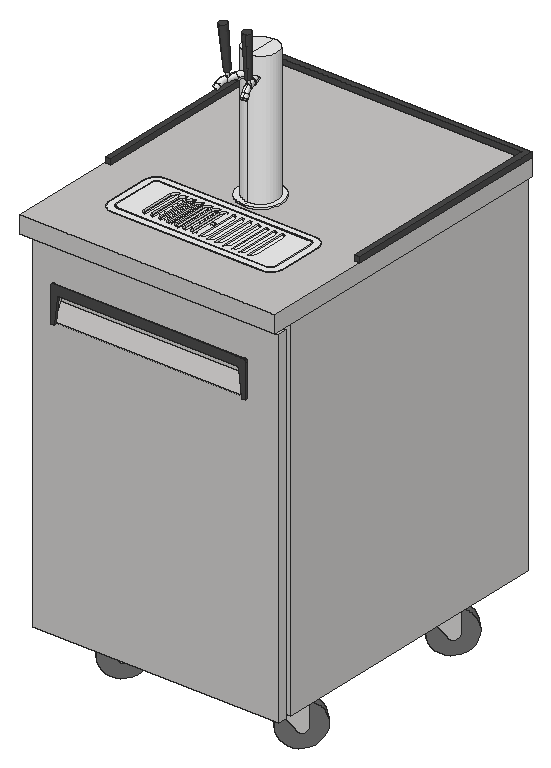
Revit family "QF_Turbo Air_TBD-1", category Specialty Equipment, Revit 2014 (continued)
Definition of nested family "QF_Turbo Air_UC-Solid Door"
  Forms (in)
    Extrusion 4, solid, material "QF_Plastic-Black-Matte"
      sketch origin (0, -1.4375, 0) x (1, 0, 0) y (0, 0, 1)
        loop
          line (3.87177, 25.9375) -> (3.87177, 29)
          arc (3.87177, 29) -> (3.79855, 29.17678) -> (3.62177, 29.25) r 0.25
          line (3.62177, 29.25) -> (-14.00323, 29.25)
          arc (-14.00323, 29.25) -> (-14.18, 29.17678) -> (-14.25323, 29) r 0.25
      from 0 to 0.125
  Lines and regions (in)
    symbolic lines, visible <- "Symbolic Lines"
      curve 1: line (-16.56573, -0.625, 0) -> (6.24677, -0.625, 0)
      curve 2: line (-16.56573, -1.4375, 0) -> (-16.56573, -0.625, 0)
      curve 3: line (6.24677, -1.4375, 0) -> (-16.56573, -1.4375, 0)
      curve 4: line (6.24677, -0.625, 0) -> (6.24677, -1.4375, 0)
      curve 5: line (-14.69073, 0, 0) -> (-14.69073, -0.625, 0)
      curve 6: line (4.37177, -0.625, 0) -> (4.37177, 0, 0)
      curve 7: line (4.37177, 0, 0) -> (-14.69073, 0, 0)
  Dimensions and locks (in)
    "Width": plane 4 "RIGHT" to plane 3 "LEFT"
    "Handle Distance": plane 5 "Handle Right" to plane 4 "RIGHT"
    locked: plane 6 to plane 5 "Handle Right" at 0.1875
    locked: plane 7 "Handle Left" to plane 8 at 0.1875
    locked: plane 7 "Handle Left" to plane 5 "Handle Right" at 18.125
    locked: plane 9 "Door Back" to plane 1 "BACK" at 0.625
    locked: plane 10 "FRONT" to plane 9 "Door Back" at 0.8125
    "Height": plane 11 "TOP" to plane 2
    locked: plane 11 "TOP" to plane 12 "Handle Top" at 3.0625
    locked: plane 12 "Handle Top" to plane 13 "Handle Bottom" at 3.375
    locked: plane 12 "Handle Top" to plane 14 at 0.1875
    locked: plane 15 to plane 13 "Handle Bottom" at 0.1875
    locked: Extrusion 1 sketch curve to plane 3 "LEFT" at 1.875
    locked: plane 11 "TOP" to Extrusion 1 sketch curve at 2.5625
    locked: Extrusion 1 sketch curve to plane 4 "RIGHT" at 1.875
    locked: Extrusion 1 sketch curve to level at 1.875
    locked: Extrusion 3 sketch curve to plane 9 "Door Back" at 0.0625
    locked: Extrusion 3 sketch curve to plane 15 at 1.38462
    locked: plane 12 "Handle Top" to Extrusion 4 sketch curve at 0.8125
    locked: Extrusion 4 sketch curve to plane 13 "Handle Bottom" at 2.3977  (x2)
    locked: Extrusion 4 sketch curve to plane 7 "Handle Left" at 0.6674
    locked: Extrusion 4 sketch curve to plane 7 "Handle Left" at 0.85352
    locked: plane 5 "Handle Right" to Extrusion 4 sketch curve at 0.6674
    locked: plane 5 "Handle Right" to Extrusion 4 sketch curve at 0.85352
    aligned and locked: level to plane 2
    aligned and locked: plane 9 "Door Back" to Extrusion 1
    aligned and locked: Extrusion 2 sketch curve to plane 11 "TOP"
    aligned and locked: plane 3 "LEFT" to Extrusion 2 sketch curve
    aligned and locked: level to Extrusion 2 sketch curve
    aligned and locked: Extrusion 2 sketch curve to plane 4 "RIGHT"
    aligned and locked: Extrusion 2 sketch curve to plane 14
    aligned and locked: plane 8 to Extrusion 2 sketch curve
    aligned and locked: plane 15 to Extrusion 2 sketch curve
    aligned and locked: Extrusion 2 sketch curve to plane 6
    aligned and locked: plane 10 "FRONT" to Extrusion 2
    aligned and locked: plane 15 to Extrusion 3 sketch curve
    aligned and locked: plane 9 "Door Back" to Extrusion 3 sketch curve
    aligned and locked: Extrusion 3 to plane 8
    aligned and locked: plane 6 to Extrusion 3
    aligned and locked: Extrusion 3 sketch curve to plane 14
    aligned and locked: Extrusion 4 sketch curve to plane 12 "Handle Top"
    aligned and locked: Extrusion 4 sketch curve to plane 7 "Handle Left"
    aligned and locked: Extrusion 4 sketch curve to plane 13 "Handle Bottom"
    aligned and locked: plane 13 "Handle Bottom" to Extrusion 4 sketch curve
    aligned and locked: Extrusion 4 sketch curve to plane 5 "Handle Right"
    aligned and locked: plane 9 "Door Back" to curve 1
    aligned and locked: plane 3 "LEFT" to curve 2
    aligned and locked: curve 3 to plane 10 "FRONT"
    aligned and locked: curve 4 to plane 4 "RIGHT"
    aligned and locked: curve 5 to Extrusion 1
    aligned and locked: curve 6 to Extrusion 1
    aligned and locked: curve 7 to Extrusion 1
  Automatic sketch dimensions
    Extrusion 3 sketch curve to plane 10 "FRONT" = 0' - 0"
    plane 7 "Handle Left" to Extrusion 4 sketch curve = 0' - 0 1/16"
    plane 8 to Extrusion 4 sketch curve = 0' - 0 1/16"
    plane 13 "Handle Bottom" to Extrusion 4 sketch curve = 0' - 0 1/16"  (x2)
    plane 8 to Extrusion 4 sketch curve = 0' - 0.13216"
    plane 13 "Handle Bottom" to Extrusion 4 sketch curve = 0' - 0.05493"  (x2)
    Extrusion 4 sketch curve to plane 6 = 0' - 0.1942"
    Extrusion 4 sketch curve to plane 6 = 0' - 0 1/16"
    Extrusion 4 sketch curve to plane 5 "Handle Right" = 0' - 0 1/16"
Definition of nested family "FESCasterLeg2014"
  Parameters (values of type "FESCasterLeg2014")
    Watermarked By = "http://revitwatermark.com"
    Type Comments = "⍁⍉⌁⌀⏭⎽⌇⍠⌜⍉⎖⌥⌦⌯⍭⏊⍻⍿⍊⏵⍊⏗⏠⍴⎡⌈⎀⍠⌓⌤⏘⎐⍀⌐⏬⏁⎈⏍⏦⎒⏬⌝⍩⍇⌣〈⎫〉⎁⏊⍥⍖⍥⍝⍦⌖⍀⏌⏭⎝⎼⏷⏞⍻⏯⎽⏷⏞⍻⏯⎽⏷⎺⌻⎝⍎⌧⏷⏟⏿⌿⍜⍦⍤⌁⍬⏶⏎⍊⏚⏉⎞⌡⎀⎪⏈⌟⌿⍾⍼⌟⌿⌢⌞⏜⏝⎽⍷⍷⍯⍧⍷⌯⍽⏸⏨⏾⏎⌣⏺⍹⏼⏅⎏⌽⎫⎪⍙⎓⏗⎗⏅⌴⍏⍏⍿⏑⎺⍘⌭⏲⍥⎛⎾⎾⍞⍌⎪⎲⌙⎥⏏⎟⎟⏼⏘⎏⎝⏧⏍⏁⍏⍧⏯⏾⌟"
    Legs [instance] = yes
    Height [instance] = 0' - 6"
    Caster Radius [instance] = if(Height < 0' 3", 0' 1", (Height / 2) - 0' 0 1/2")  # 0' - 2 1/2"
    Casters [instance] = yes
    Assembly Code = ""
  Reference planes (in)
    plane 1 "Center (Front/Back)": y = 0
    plane 2: z = 0
    plane 3 "Center (Left/Right)": x = 0
    plane 4: z = 6
    plane 5: z = 5.5
  Forms (in)
    Extrusion 1, solid, material "QF_Stainless-Polished", visible <- "Casters"
      sketch origin (-24.12131, -22.88887, 10.18833) x (0.707107, 0.707107, 0) y (0, 0, 1)
        loop
          line (34.98772, -7.68833) -> (34.98772, -4.93833) -> (34.48772, -4.93833) -> (34.39402, -4.68833) -> (32.39402, -4.68833) -> (32.39402, -5.43833) -> (33.98772, -7.34206) -> (33.98772, -7.68833)
          arc (33.98772, -7.68833) -> (34.48772, -8.18833) -> (34.98772, -7.68833) r 0.5
      from 0 to 1.75
    Extrusion 2, solid, material "QF_Rubber-Black", visible <- "Casters"
      sketch origin (-24.32327, -23.09083, 13.31461) x (0.707107, 0.707107, 0) y (0, 0, 1)
        loop
          circle (34.77334, -10.81461) r 2.5
      from 0.375 to 1.375
    Extrusion 3, solid, material "QF_Stainless-Polished", visible <- "Casters"
      sketch origin (-7.24148, -8.48391, 0) x (0.707107, 0.707107, 0) y (0, 0, 1)
        loop
          line (10.61603, 5.5) -> (11.61603, 5.5) -> (11.61603, 6) -> (10.61603, 6) -> (10.61603, 5.5)
      from 0 to -1.75
    Blend 4, solid, material "QF_Stainless-Polished", visible <- "Legs"
      base sketch origin (0, 0, 0) x (1, 0, 0) y (0, 1, 0)
        loop
          circle (0, 0) r 0.5
      top sketch origin (0, 0, 0) x (1, 0, 0) y (0, 1, 0)
        loop
          circle (0, 0) r 1
      from 0 to 6 <- "Height"
  Lines and regions (in)
    symbolic lines, style "QF_Hidden Details", visible <- "Casters", built-in parameter 1006206 <- "Casters"
      curve 1: line (-1.26158, -0.51911, 0) -> (1.39007, 2.13254, 0)
      curve 2: line (-0.53429, -1.24639, 0) -> (2.11736, 1.40526, 0)
    symbolic lines, style "QF_Hidden Details", built-in parameter 1006206 <- "Casters", visible <- "Casters"
      curve 3: line (-1.26158, -0.51911, 0) -> (1.39007, 2.13254, 0)
      curve 4: line (-0.53429, -1.24639, 0) -> (2.11736, 1.40526, 0)
  Dimensions and locks (in)
    locked: plane 4 to plane 5 at 0.5
    "Height": plane 4 to level
    "Caster Radius": Extrusion 2 sketch curve to level
    "Caster Radius": Extrusion 1 sketch curve to level
    "Caster Radius": radius of Extrusion 2 sketch curve
    aligned and locked: plane 2 to level
    aligned: Blend 4 to Extrusion 3
    aligned and locked: plane 4 to Blend 4
    aligned and locked: Extrusion 3 to plane 5
    aligned and locked: plane 4 to Extrusion 3
    aligned and locked: plane 5 to Extrusion 1
  Automatic sketch dimensions
    plane 1 "Center (Front/Back)" to curve 3 = 0' - 0.51911"
    curve 3 to plane 3 "Center (Left/Right)" = 0' - 1.26158"
    plane 1 "Center (Front/Back)" to curve 1 = 0' - 0.51911"
    curve 1 to curve 3 = 0' - 0"  (x3)
    curve 4 to plane 3 "Center (Left/Right)" = 0' - 0.53429"
    curve 2 to curve 4 = 0' - 0"  (x2)
    plane 3 "Center (Left/Right)" to curve 3 = 0' - 1.39007"
    curve 1 to curve 4 = 0' - 0.72729"
    curve 2 to curve 1 = 0' - 0.72729"
    curve 4 to curve 2 = 0' - 0"  (x2)
    curve 2 to plane 1 "Center (Front/Back)" = 0' - 1.40526"
    curve 2 to curve 3 = 0' - 0.72729"
    Extrusion 3 sketch curve to plane 5 = 0' - 0"
    plane 4 to Extrusion 3 sketch curve = 0' - 0"
    Extrusion 3 sketch curve to Extrusion 3 sketch curve = 0' - 1"
    plane 1 "Center (Front/Back)" to Blend 4 sketch curve = 0' - 0"  (x2)
    Blend 4 sketch curve to plane 3 "Center (Left/Right)" = 0' - 0"  (x2)
    Extrusion 1 sketch curve to plane 5 = 0' - 0"
    Extrusion 1 sketch curve to plane 5 = 0' - 2.65373"
    Extrusion 1 sketch curve to Extrusion 1 sketch curve = 0' - 1.5937"
    Extrusion 1 sketch curve to Extrusion 1 sketch curve = 0' - 2"
    Extrusion 1 sketch curve to Extrusion 1 sketch curve = 0' - 0.0937"
    Extrusion 1 sketch curve to Extrusion 1 sketch curve = 0' - 0 1/2"
    Extrusion 1 sketch curve to plane 5 = 0' - 0 3/4"
    Extrusion 1 sketch curve to plane 5 = 0' - 0 1/4"
    radius of Blend 4 sketch curve = 0' - 0 1/2"
    radius of Blend 4 sketch curve = 0' - 1"
Definition of nested family "FES_TA Double Tap"
  Reference planes (in)
    plane 1 "BACK": y = 0
    plane 2: z = 0
    plane 3 "LEFT": x = 0
  Forms (in)
    Revolve 1, solid, material "QF_Steel-Chrome Plated"
      sketch origin (0, 5.875, -37.75) x (0, 1, 0) y (0, 0, 1)
        loop
          line (-5.875, 37.75) -> (-5.875, 50.125) -> (-7.375, 50.125) -> (-7.375, 37.875) -> (-7.875, 37.875) -> (-7.875, 37.75) -> (-5.875, 37.75)
        axis (-5.875, 37.75) -> (-5.875, 50.125)
      angle from 0 to 360
    Extrusion 2, solid, material "QF_Steel-Chrome Plated"
      sketch origin (14.85189, 5.16614, -37.75) x (-0.940628, -0.33944, 0) y (0, 0, 1)
        loop
          circle (15.6935, 48.27885) r 0.3125
      from -1 to -1.875
    Sweep 3, solid, material "QF_Steel-Chrome Plated"
      path origin (-1.90406, 5.36533, -37.75) x (-0.33944, 0.940628, 0) y (0, 0, 1)
        loop
          line (-7.75, 48.27885) -> (-8.68934, 48.27885)
          arc (-8.68934, 48.27885) -> (-8.97635, 48.22176) -> (-9.21967, 48.05918) r 0.75
          line (-9.21967, 48.05918) -> (-9.5, 47.77885)
      profile origin (0.88602, -2.36632, 10.52885) x (0, 0, -1) y (0.940628, 0.33944, 0)
        loop
          circle (0, 0) r 0.25
        loop
          circle (0, 0) r 0.21875
    Blend 4, solid, material "QF_Plastic-Black-Fine Textured"
      base sketch origin (12.86858, 10.66213, 11.11038) x (-0.338148, 0.937048, 0.087156) y (-0.940628, -0.33944, 0)
        loop
          circle (-8.4375, 15.6935) r 0.25
      top sketch origin (12.86858, 10.66213, 11.11038) x (-0.338148, 0.937048, 0.087156) y (-0.940628, -0.33944, 0)
        loop
          circle (-8.4375, 15.6935) r 0.375
      from 0.875 to 4.875
    Extrusion 5, solid, material "QF_Steel-Chrome Plated"
      sketch origin (12.86858, 10.66213, 11.11038) x (-0.338148, 0.937048, 0.087156) y (-0.940628, -0.33944, 0)
        loop
          circle (-8.4375, 15.6935) r 0.12614
      from 0 to 0.875
    Extrusion 6, solid, material "QF_Steel-Chrome Plated"
      sketch origin (14.63661, -5.56939, -37.75) x (-0.93875, 0.344598, 0) y (0, 0, 1)
        loop
          circle (15.6935, 48.27885) r 0.3125
      from -1 to -1.875
    Sweep 7, solid, material "QF_Steel-Chrome Plated"
      path origin (1.92885, 5.35372, -37.75) x (0.344598, 0.93875, 0) y (0, 0, 1)
        loop
          line (-7.75, 48.27885) -> (-8.68934, 48.27885)
          arc (-8.68934, 48.27885) -> (-8.97635, 48.22176) -> (-9.21967, 48.05918) r 0.75
          line (-9.21967, 48.05918) -> (-9.5, 47.77885)
      profile origin (-0.90364, -2.3625, 10.52885) x (0, 0, -1) y (0.93875, -0.344598, 0)
        loop
          circle (0, 0) r 0.25
        loop
          circle (0, 0) r 0.21875
    Blend 8, solid, material "QF_Plastic-Black-Fine Textured"
      base sketch origin (16.65006, -0.08438, 11.11038) x (0.343287, 0.935178, 0.087156) y (-0.93875, 0.344598, 0)
        loop
          circle (-8.4375, 15.6935) r 0.25
      top sketch origin (16.65006, -0.08438, 11.11038) x (0.343287, 0.935178, 0.087156) y (-0.93875, 0.344598, 0)
        loop
          circle (-8.4375, 15.6935) r 0.375
      from 0.875 to 4.875
    Extrusion 9, solid, material "QF_Steel-Chrome Plated"
      sketch origin (16.65006, -0.08438, 11.11038) x (0.343287, 0.935178, 0.087156) y (-0.93875, 0.344598, 0)
        loop
          circle (-8.4375, 15.6935) r 0.12614
      from 0 to 0.875
  Lines and regions (in)
    symbolic lines, style "QF_Details_Surface"
      curve 1: arc (0, 2, 48.3125) -> (1.93316, 0.51273, 48.3125) -> (0.99118, -1.73711, 48.3125) r 2
      curve 2: arc (-0.65563, -1.88948, 48.3125) -> (-1.97218, 0.33244, 48.3125) -> (0, 2, 48.3125) r 2
      curve 3: arc (0, -1.5, 48.3125) -> (-1.5, 0, 48.3125) -> (0, 1.5, 48.3125) r 1.5
      curve 4: arc (0, 1.5, 48.3125) -> (1.5, 0, 48.3125) -> (0, -1.5, 48.3125) r 1.5
      curve 5: line (0.43265, -2.03061, 48.3125) -> (1.02054, -1.81846, 48.3125)
      curve 6: spline (1.23099, -3.32226, 48.3125) -> (1.31796, -3.27735, 48.3125) -> (1.39037, -3.21154, 48.3125) -> (1.44327, -3.12934, 48.3125) -> (1.47306, -3.03633, 48.3125) -> (1.47772, -2.93887, 48.3125) -> (1.45692, -2.84358, 48.3125) -> (1.41208, -2.75697, 48.3125) -> (1.34626, -2.68494, 48.3125) -> (1.26394, -2.63239, 48.3125) -> (1.17073, -2.60291, 48.3125) -> (1.07299, -2.59851, 48.3125) -> (0.97738, -2.61948, 48.3125)
      curve 7: spline (0.97738, -2.61948, 48.3125) -> (0.8904, -2.6644, 48.3125) -> (0.818, -2.7302, 48.3125) -> (0.76509, -2.81241, 48.3125) -> (0.7353, -2.90541, 48.3125) -> (0.73065, -3.00288, 48.3125) -> (0.75145, -3.09816, 48.3125) -> (0.79628, -3.18477, 48.3125) -> (0.86211, -3.2568, 48.3125) -> (0.94442, -3.30935, 48.3125) -> (1.03763, -3.33883, 48.3125) -> (1.13537, -3.34324, 48.3125) -> (1.23099, -3.32226, 48.3125)
      curve 8: spline (1.26061, -3.40435, 48.3125) -> (1.32352, -3.38805, 48.3125) -> (1.38623, -3.3842, 48.3125) -> (1.44446, -3.39305, 48.3125) -> (1.49426, -3.414, 48.3125) -> (1.53223, -3.44563, 48.3125) -> (1.55577, -3.48577, 48.3125) -> (1.56329, -3.5317, 48.3125) -> (1.55427, -3.58028, 48.3125) -> (1.52932, -3.6282, 48.3125) -> (1.49016, -3.6722, 48.3125) -> (1.43944, -3.70928, 48.3125) -> (1.38062, -3.73691, 48.3125)
      curve 9: spline (1.38062, -3.73691, 48.3125) -> (1.31771, -3.75321, 48.3125) -> (1.255, -3.75706, 48.3125) -> (1.19676, -3.74821, 48.3125) -> (1.14696, -3.72726, 48.3125) -> (1.109, -3.69564, 48.3125) -> (1.08546, -3.65549, 48.3125) -> (1.07794, -3.60956, 48.3125) -> (1.08696, -3.56098, 48.3125) -> (1.1119, -3.51306, 48.3125) -> (1.15107, -3.46906, 48.3125) -> (1.20179, -3.43198, 48.3125) -> (1.26061, -3.40435, 48.3125)
      curve 10: line (1.08546, -3.65549, 48.3125) -> (0.96354, -3.31764, 48.3125)
      curve 11: line (0.43265, -2.03061, 48.3125) -> (0.23451, -1.48155, 48.3125)
      curve 12: line (1.02054, -1.81846, 48.3125) -> (0.99118, -1.73711, 48.3125)
      curve 13: line (1.55577, -3.48577, 48.3125) -> (1.43385, -3.14792, 48.3125)
      curve 14: line (0.77451, -2.79382, 48.3125) -> (0.49144, -2.00939, 48.3125)
      curve 15: line (1.24482, -2.6241, 48.3125) -> (0.96175, -1.83967, 48.3125)
      curve 16: circle (0, 0, 0) r 2 normal (0, 0, 1)
      curve 17: circle (0, 0, 0) r 1.5 normal (0, 0, 1)
      curve 18: line (0.46801, -1.94447, 0) -> (1.08546, -3.65549, 0)
      curve 19: arc (1.08546, -3.65549, 0) -> (1.37312, -3.71613, 0) -> (1.55577, -3.48577, 0) r 0.27937
      curve 20: line (1.55577, -3.48577, 0) -> (0.93574, -1.76759, 0)
      curve 21: line (-1.03515, -1.81391, 48.3125) -> (-0.44843, -2.02929, 48.3125)
      curve 22: spline (-1.25385, -3.31654, 48.3125) -> (-1.15835, -3.33804, 48.3125) -> (-1.06058, -3.33417, 48.3125) -> (-0.96722, -3.3052, 48.3125) -> (-0.88461, -3.25311, 48.3125) -> (-0.8184, -3.18144, 48.3125) -> (-0.77308, -3.09507, 48.3125) -> (-0.75176, -2.99991, 48.3125) -> (-0.75588, -2.90242, 48.3125) -> (-0.78516, -2.80925, 48.3125) -> (-0.83761, -2.72675, 48.3125) -> (-0.90966, -2.66055, 48.3125) -> (-0.99638, -2.61516, 48.3125)
      curve 23: spline (-0.99638, -2.61516, 48.3125) -> (-1.09188, -2.59366, 48.3125) -> (-1.18964, -2.59753, 48.3125) -> (-1.28301, -2.6265, 48.3125) -> (-1.36562, -2.67859, 48.3125) -> (-1.43183, -2.75026, 48.3125) -> (-1.47715, -2.83663, 48.3125) -> (-1.49847, -2.9318, 48.3125) -> (-1.49435, -3.02929, 48.3125) -> (-1.46507, -3.12245, 48.3125) -> (-1.41262, -3.20495, 48.3125) -> (-1.34057, -3.27115, 48.3125) -> (-1.25385, -3.31654, 48.3125)
      curve 24: spline (-1.28392, -3.39846, 48.3125) -> (-1.22525, -3.42642, 48.3125) -> (-1.17474, -3.46377, 48.3125) -> (-1.13581, -3.50799, 48.3125) -> (-1.11113, -3.55605, 48.3125) -> (-1.10238, -3.60468, 48.3125) -> (-1.11015, -3.65056, 48.3125) -> (-1.13391, -3.69058, 48.3125) -> (-1.17205, -3.72199, 48.3125) -> (-1.22196, -3.74267, 48.3125) -> (-1.28025, -3.7512, 48.3125) -> (-1.34293, -3.747, 48.3125) -> (-1.40575, -3.73036, 48.3125)
      curve 25: spline (-1.40575, -3.73036, 48.3125) -> (-1.46442, -3.70241, 48.3125) -> (-1.51493, -3.66505, 48.3125) -> (-1.55386, -3.62084, 48.3125) -> (-1.57854, -3.57278, 48.3125) -> (-1.58729, -3.52415, 48.3125) -> (-1.57952, -3.47826, 48.3125) -> (-1.55576, -3.43825, 48.3125) -> (-1.51762, -3.40683, 48.3125) -> (-1.46771, -3.38615, 48.3125) -> (-1.40942, -3.37762, 48.3125) -> (-1.34674, -3.38182, 48.3125) -> (-1.28392, -3.39846, 48.3125)
      curve 26: line (-1.57952, -3.47826, 48.3125) -> (-1.45575, -3.14109, 48.3125)
      curve 27: line (-1.03515, -1.81391, 48.3125) -> (-0.89183, -1.42348, 48.3125)
      curve 28: line (-0.44843, -2.02929, 48.3125) -> (-0.33843, -1.72963, 48.3125)
      curve 29: line (-1.11015, -3.65056, 48.3125) -> (-0.98638, -3.31339, 48.3125)
      curve 30: line (-1.26385, -2.61831, 48.3125) -> (-0.97648, -1.83545, 48.3125)
      curve 31: line (-0.79447, -2.79061, 48.3125) -> (-0.5071, -2.00775, 48.3125)
      curve 32: line (-1.00431, -1.91127, 0) -> (-1.57952, -3.47826, 0)
      curve 33: arc (-1.57952, -3.47826, 0) -> (-1.39814, -3.70962, 0) -> (-1.11015, -3.65056, 0) r 0.27937
      curve 34: line (-1.11015, -3.65056, 0) -> (-0.48191, -1.93912, 0)
  Dimensions and locks (in)
    locked: Revolve 1 sketch curve to Revolve 1 sketch curve at 1.5
    locked: Revolve 1 sketch curve to Revolve 1 sketch curve at 2
    aligned and locked: level to plane 2
Types (3): name | Right Hinge Door | Model | Left Hinge Door | Body Material
  (no name) | yes | "TBD-1SD" | no | QF_Stainless-Polished
  TBD-1SD | yes | "TBD-1SD" | no | QF_Stainless-Polished
  TBD-1SB | no | "TBD-1SB" | yes | QF_Plastic-Black-Matte
